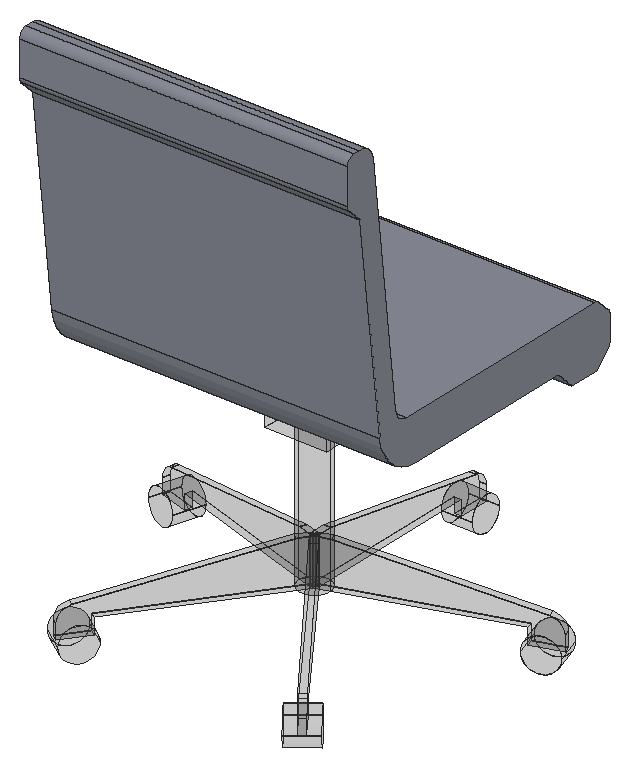
Revit family
Parameters
  Base Material = Plastic - Black
  Caster Material = Plastic - Black
  Seat/Back Material = Textile - Slate Blue
Reference planes
  plane 1 "Center (Front/Back)": y = 18.946
  plane 2: z = 0
  plane 3 "Center (Left/Right)": x = 140.991
  plane 4: x = 458.491
  plane 5: x = -176.509
  plane 6: y = -323.954
  plane 7: y = 361.846
  plane 8: z = 889
  plane 9 "Seat": z = 457.2
  plane 10: y = -247.754
  plane 11: z = 863.6
  plane 12: y = 285.646
  plane 13: y = 260.246
  plane 14: z = 431.8
  plane 15: y = -222.354
  plane 16: z = 787.4
  plane 17: z = 355.6
  plane 18: x = 191.791
  plane 19: x = 90.191
Forms (mm)
  Extrusion 1, solid, material "Textile - Slate Blue" <- "Seat/Back Material"
    sketch origin (-176.509, 0, 0) x (0, -1, 0) y (0, 0, 1)
      loop
        arc (-255.01, 457.2) -> (-259.851, 456.241) -> (-263.96, 453.51) r 12.7
        line (-263.96, 453.51) -> (-281.896, 435.694)
        arc (-281.896, 435.694) -> (-284.671, 431.563) -> (-285.646, 426.684) r 12.7
        line (-285.646, 426.684) -> (-285.646, 391.641)
        arc (-285.646, 391.641) -> (-283.729, 381.96) -> (-278.266, 373.74) r 25.4
        line (-278.266, 373.74) -> (-260.247, 355.6) -> (-209.447, 355.6) -> (-181.074, 383.784) -> (107.109, 383.784)
        arc (107.109, 383.784) -> (157.745, 403.041) -> (182.787, 451.08) r 76.2
        line (182.787, 451.08) -> (222.354, 787.4) -> (244.034, 809.08)
        arc (244.034, 809.08) -> (246.787, 813.2) -> (247.754, 818.061) r 12.7
        line (247.754, 818.061) -> (247.754, 876.3)
        arc (247.754, 876.3) -> (244.034, 885.28) -> (235.054, 889) r 12.7
        line (235.054, 889) -> (222.179, 889)
        arc (222.179, 889) -> (205.3, 882.581) -> (196.953, 866.568) r 25.4
        line (196.953, 866.568) -> (151.431, 479.632)
        arc (151.431, 479.632) -> (143.084, 463.619) -> (126.205, 457.2) r 25.4
        line (126.205, 457.2) -> (-255.01, 457.2)
    from -50.8 to -584.2
  Extrusion 2, solid, material "Plastic - Black" <- "Base Material"
    sketch origin (191.791, 0, 0) x (0, -1, 0) y (0, 0, 1)
      loop
        line (19.154, 383.784) -> (-69.746, 383.784) -> (-69.746, 371.084) -> (-18.946, 283.095) -> (19.154, 283.095) -> (19.154, 383.784)
    from 0 to 101.6
  Extrusion 3, solid, material "Plastic - Black" <- "Base Material"
    sketch origin (140.991, 0, 0) x (0, 1, 0) y (0, 0, 1)
      loop
        line (18.946, 53.584) -> (311.046, 53.584) -> (311.046, 28.184) -> (361.846, 28.184) -> (361.846, 52.487)
        arc (361.846, 52.487) -> (355.903, 68.813) -> (340.857, 77.501) r 25.4
        line (340.857, 77.501) -> (44.346, 129.784) -> (18.946, 129.784) -> (18.946, 53.584)
    from 6.35 to -6.35
  Extrusion 4, solid, material "Plastic - Black" <- "Caster Material"
    sketch origin (140.991, 0, 0) x (0, 1, 0) y (0, 0, 1)
      loop
        circle (336.446, 28.184) r 28.2
    from 25.4 to -25.4
  Extrusion 5, solid, material "Plastic - Black" <- "Base Material"
    sketch origin (159.009, 13.091, 0) x (-0.951057, 0.309017, 0) y (0, 0, 1)
      loop
        line (18.946, 53.584) -> (311.046, 53.584) -> (311.046, 28.184) -> (361.846, 28.184) -> (361.846, 52.487)
        arc (361.846, 52.487) -> (355.903, 68.813) -> (340.857, 77.501) r 25.4
        line (340.857, 77.501) -> (44.346, 129.784) -> (18.946, 129.784) -> (18.946, 53.584)
    from 6.35 to -6.35
  Extrusion 6, solid, material "Plastic - Black" <- "Caster Material"
    sketch origin (159.009, 13.091, 0) x (-0.951057, 0.309017, 0) y (0, 0, 1)
      loop
        circle (336.446, 28.184) r 28.2
    from 25.4 to -25.4
  Extrusion 7, solid, material "Plastic - Black" <- "Base Material"
    sketch origin (152.127, 34.273, 0) x (-0.587785, -0.809017, 0) y (0, 0, 1)
      loop
        line (18.946, 53.584) -> (311.046, 53.584) -> (311.046, 28.184) -> (361.846, 28.184) -> (361.846, 52.487)
        arc (361.846, 52.487) -> (355.903, 68.813) -> (340.857, 77.501) r 25.4
        line (340.857, 77.501) -> (44.346, 129.784) -> (18.946, 129.784) -> (18.946, 53.584)
    from 6.35 to -6.35
  Extrusion 8, solid, material "Plastic - Black" <- "Caster Material"
    sketch origin (152.127, 34.273, 0) x (-0.587785, -0.809017, 0) y (0, 0, 1)
      loop
        circle (336.446, 28.184) r 28.2
    from 25.4 to -25.4
  Extrusion 9, solid, material "Plastic - Black" <- "Base Material"
    sketch origin (129.855, 34.273, 0) x (0.587785, -0.809017, 0) y (0, 0, 1)
      loop
        line (18.946, 53.584) -> (311.046, 53.584) -> (311.046, 28.184) -> (361.846, 28.184) -> (361.846, 52.487)
        arc (361.846, 52.487) -> (355.903, 68.813) -> (340.857, 77.501) r 25.4
        line (340.857, 77.501) -> (44.346, 129.784) -> (18.946, 129.784) -> (18.946, 53.584)
    from 6.35 to -6.35
  Extrusion 10, solid, material "Plastic - Black" <- "Caster Material"
    sketch origin (129.855, 34.273, 0) x (0.587785, -0.809017, 0) y (0, 0, 1)
      loop
        circle (336.446, 28.184) r 28.2
    from 25.4 to -25.4
  Extrusion 11, solid, material "Plastic - Black" <- "Base Material"
    sketch origin (122.972, 13.091, 0) x (0.951057, 0.309017, 0) y (0, 0, 1)
      loop
        line (18.946, 53.584) -> (311.046, 53.584) -> (311.046, 28.184) -> (361.846, 28.184) -> (361.846, 52.487)
        arc (361.846, 52.487) -> (355.903, 68.813) -> (340.857, 77.501) r 25.4
        line (340.857, 77.501) -> (44.346, 129.784) -> (18.946, 129.784) -> (18.946, 53.584)
    from 6.35 to -6.35
  Extrusion 12, solid, material "Plastic - Black" <- "Caster Material"
    sketch origin (122.972, 13.091, 0) x (0.951057, 0.309017, 0) y (0, 0, 1)
      loop
        circle (336.446, 28.184) r 28.2
    from 25.4 to -25.4
  Extrusion 13, solid, material "Plastic - Black" <- "Base Material"
    sketch origin (0, 0, 0) x (1, 0, 0) y (0, 1, 0)
      loop
        circle (140.991, 18.946) r 25.4
    from 53.584 to 384.175
Lines and regions (mm)
  Masking region 1
    outline origin (0, 0, 457.2) x (0, -1, 0) y (1, 0, 0)
      loop
        line (-286.896, -132.059) -> (218.634, -132.059)
        arc (218.634, -132.059) -> (236.595, -124.62) -> (244.034, -106.659) r 25.4
        line (244.034, -106.659) -> (244.034, 388.641)
        arc (244.034, 388.641) -> (236.595, 406.601) -> (218.634, 414.041) r 25.4
        line (218.634, 414.041) -> (-286.896, 414.041) -> (-286.896, -132.059)
  symbolic lines
    curve 1: line (-100.309, -247.754, 457.2) -> (382.291, -247.754, 457.2)
    curve 2: line (-125.709, -222.354, 457.2) -> (-125.709, -177.005, 457.2)
    curve 3: line (-74.909, -126.205, 457.2) -> (356.891, -126.205, 457.2)
    curve 4: line (407.691, -222.354, 457.2) -> (407.691, -177.005, 457.2)
    curve 5: arc (-74.909, -126.205, 457.2) -> (-110.83, -141.084, 457.2) -> (-125.709, -177.005, 457.2) r 50.8
    curve 6: arc (356.891, -126.205, 457.2) -> (392.812, -141.084, 457.2) -> (407.691, -177.005, 457.2) r 50.8
    curve 7: arc (-125.709, -222.354, 457.2) -> (-118.27, -240.315, 457.2) -> (-100.309, -247.754, 457.2) r 25.4
    curve 8: arc (407.691, -222.354, 457.2) -> (400.251, -240.315, 457.2) -> (382.291, -247.754, 457.2) r 25.4
    curve 9: line (-132.059, 286.896, 457.2) -> (414.041, 286.896, 457.2)
    curve 10: line (-132.059, 286.896, 457.2) -> (-132.059, -218.634, 457.2)
    curve 11: line (-106.659, -244.034, 457.2) -> (388.641, -244.034, 457.2)
    curve 12: line (414.041, 286.896, 457.2) -> (414.041, -218.634, 457.2)
    curve 13: arc (-132.059, -218.634, 457.2) -> (-124.62, -236.595, 457.2) -> (-106.659, -244.034, 457.2) r 25.4
    curve 14: arc (414.041, -218.634, 457.2) -> (406.601, -236.595, 457.2) -> (388.641, -244.034, 457.2) r 25.4
Dimensions and locks
  equal spacing: plane 5, plane 3 "Center (Left/Right)", plane 4
  plane 5 to plane 4 = 635.00 mm
  equal spacing: plane 6, plane 1 "Center (Front/Back)", plane 7
  plane 6 to plane 7 = 685.80 mm
Automatic sketch dimensions
  plane 7 to curve 9 = 74.95 mm
  plane 1 "Center (Front/Back)" to curve 3 = 145.151 mm
  curve 3 to curve 6 = 50.80 mm
  curve 4 to curve 14 = 41.629 mm
  curve 2 to curve 10 = 41.629 mm
  curve 13 to curve 7 = 3.72 mm
  curve 14 to curve 4 = 3.72 mm
  curve 7 to curve 13 = 21.68 mm
  curve 8 to curve 14 = 21.68 mm
  curve 11 to curve 7 = 3.72 mm
  curve 9 to plane 5 = 44.45 mm
  curve 13 to curve 2 = 6.35 mm
  curve 8 to curve 14 = 6.35 mm
  plane 4 to curve 12 = 44.45 mm
  plane 7 to Masking region 1 sketch curve = 74.95 mm
  plane 4 to Masking region 1 sketch curve = 44.45 mm
  Masking region 1 sketch curve to plane 6 = 105.32 mm  (x2)
  Masking region 1 sketch curve to plane 5 = 44.45 mm
  Masking region 1 sketch curve to Masking region 1 sketch curve = 25.40 mm
